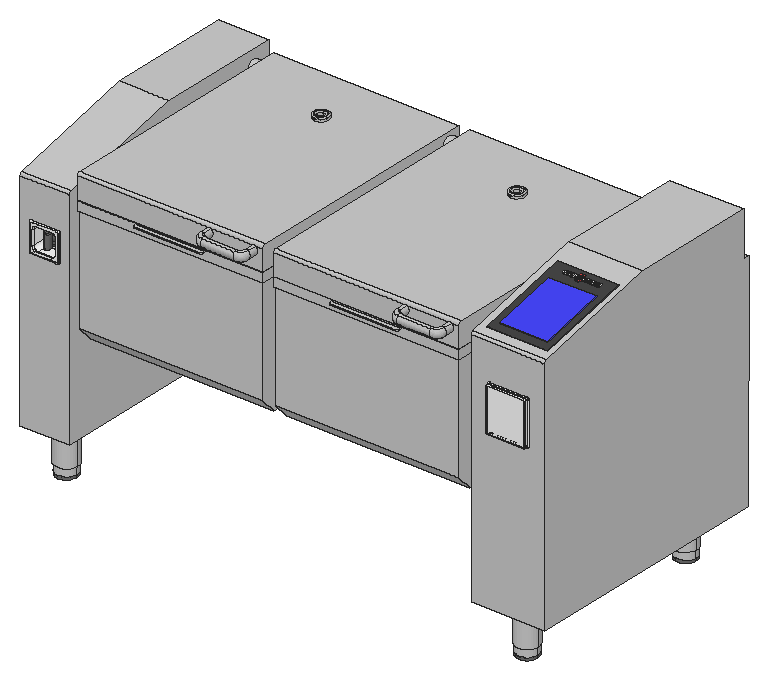
Revit family "QF_WELBILT-CONVOTHERM_FLEXX_PRO_101_DL_260211052615", category Specialty Equipment, Revit 2021
Family settings
  Round Connector Dimension = Use Diameter
  Part Type = Normal
  OmniClass Number = 23.40.40.14
  OmniClass Title = Food Service Equipment
  Work Plane-Based = No
  Always vertical = Yes
  Cut with Voids When Loaded = No
  Shared = No
  Room Calculation Point = No
Parameters (values of type "JI-MKH-015")
  Weight [instance] = 395.00 kg
  Waste Water Discharge Temperature [instance] = 0 °C
  Waste Remarks [instance] = ""
  Warranty Start Date [instance] = ""
  Warranty Duration [instance] = ""
  Volts [instance] = 400 V
  Volt Free Conn [instance] = no
  URL Recommended Spares List [instance] = ""
  URL Manufacturer [instance] = ""
  URL Cutsheet [instance] = ""
  URL Critical Spares List [instance] = ""
  URL = "www.convotherm.com"
  Technical Documentation [instance] = ""
  Tag Number [instance] = ""
  Status [instance] = ""
  Start Up Current [instance] = 0 A
  Specification by User [instance] = ""
  Specification by Manufacturer [instance] = ""
  Sound Level [instance] = ""
  Show Logo [instance] = yes
  Show Clearances [instance] = yes
  Service Life Duration [instance] = ""
  Serial Number [instance] = ""
  Seismic Rating [instance] = ""
  SMACNA No [instance] = ""
  Revision Code [instance] = ""
  Revision [instance] = ""
  Production Year [instance] = ""
  Potential Equalisation [instance] = no
  Point Load [instance] = 0
  Plumbing Remarks [instance] = ""
  Plumbing Connection Type [instance] = ""
  Phase [instance] = 3
  Other Equipment Approvals [instance] = ""
  Operational Current [instance] = 0 A
  Odor Trap Included [instance] = no
  Number of Poles [instance] = 3
  No Load Power Draw [instance] = no
  National Water Regulation Certification [instance] = no
  NAFEM Spec ID Number [instance] = ""
  Model Warning [instance] = ""
  Model = "FLEXX PRO 101 DL"
  Min Ckt Ampacity [instance] = 0 A
  Max Overcurrent Protection [instance] = 50 A
  Masterspec [instance] = ""
  Manufacturer = "WELBILT-CONVOTHERM"
  Main switch integrated [instance] = no
  Length Actual [instance] = 1756 mm
  Item Number [instance] = ""
  Installed By [instance] = ""
  Installation Date [instance] = ""
  Indirect Waste Size [instance] = 50.8 mm
  Indirect Waste Remarks [instance] = ""
  Indirect Waste Flow [instance] = 0.0 L/s
  Indirect Waste Connection Type [instance] = ""
  Indirect Waste Connection Height [instance] = 0 mm
  Identify Quantity as Lot [instance] = no
  ID [instance] = ""
  Hygiene Approval [instance] = ""
  Height Actual [instance] = 1050 mm
  HP power [instance] = ""
  Furnished By [instance] = ""
  Foodservice Equipment Identifier [instance] = no
  FL Amps [instance] = 48 A
  Electrical Remarks [instance] = "Plug not included"
  Electric power [instance] = 36900 W
  Electric Connection Type [instance] = "Cord&Plug"
  Elec Conn RI Height [instance] = 0 mm
  Elec Conn Connection Height [instance] = 0 mm
  ETL Approved [instance] = no
  Direct Waste Water Discharge Temperature [instance] = -273.15 °C
  Direct Waste Size [instance] = 50.8 mm
  Direct Waste RI Height [instance] = 0 mm
  Direct Waste Flow [instance] = 0.0 L/s
  Direct Waste Connection Height [instance] = 0 mm
  Description = "MULTIFUNCTION COOKING DEVICE 2XGN 1/1 2X79LT"
  Depth Actual [instance] = 850 mm
  Default Elevation = 0 mm
  Cycle [instance] = 50 Hz
  Cost = 0
  Connection to energy optimisation system [instance] = yes
  Conn Plug [instance] = ""
  Conn Conduit [instance] = no
  Cold Water Temperature Recommended [instance] = 0 °C
  Cold Water Size [instance] = 19.05 mm
  Cold Water Remarks [instance] = ""
  Cold Water RI Height [instance] = 0 mm
  Cold Water Quality [instance] = ""
  Cold Water Minimum Pressure [instance] = 200000.0 Pa
  Cold Water Maximum Pressure [instance] = 600000.0 Pa
  Cold Water Flow [instance] = 0.0 L/s
  Cold Water Connection Type [instance] = ""
  Cold Water Connection Height [instance] = 0 mm
  Centralized building control system with digital interface [instance] = ""
  CSI MasterFormat [instance] = ""
  CE Approved [instance] = no
  Barcode [instance] = 0
  Author [instance] = ""
  Asset Identifier [instance] = ""
  Apparent Power [instance] = 36900 VA
  Accessory [instance] = no
Reference planes
  plane 1 "Center (Front/Back)": y = 0
  plane 2: z = 0
  plane 3 "Center (Left/Right)": x = 0
Forms (mm)
  Extrusion 1, solid, not visible
    sketch origin (1510.074, -100.005, 252.012) x (1, 0, 0) y (0, 1, 0)
      loop
        line (-2, 2) -> (-2, -2) -> (2, -2) -> (2, 2) -> (-2, 2)
    from -2 to 2
  Extrusion 2, solid, not visible
    sketch origin (954.047, -500.024, 464.023) x (1, 0, 0) y (0, 1, 0)
      loop
        line (-2, 2) -> (-2, -2) -> (2, -2) -> (2, 2) -> (-2, 2)
    from -2 to 2
  Extrusion 3, solid, not visible
    sketch origin (160.008, -100.005, 170.008) x (1, 0, 0) y (0, 1, 0)
      loop
        line (-2, 2) -> (-2, -2) -> (2, -2) -> (2, 2) -> (-2, 2)
    from -2 to 2
Dimensions and locks
  locked: nested 2 to Extrusion 1 at 2  (x2)
  locked: nested 3 to Extrusion 2 at 2  (x2)
  locked: nested 4 to Extrusion 3 at 2
  locked: nested 4 to Extrusion 3
  aligned and locked: level to plane 2
Nested families
  nested 1: "QF_WELBILT-CONVOTHERM_JI-MKH-015_2920" at (0, 0, 150), type "JI-MKH-015"
    with Weight 395.00 kg, Warranty Start Date "", Warranty Duration "", URL Cutsheet "", Technical Documentation "", Tag Number "", Status "", Specification by User "", Specification by Manufacturer "", Sound Level "", Solid Fuel Type "", Show Logo yes, Show Clearances yes, Service Life Duration "", Serial Number "", Seismic Rating "", SMACNA No "", Revision Code "", Revision "", Production Year "", Point Load 0, Other Equipment Approvals "", NAFEM Spec ID Number "", Model Warning "", Masterspec "", Length Actual 1756 mm, Item Number "", Installed By "", Installation Date "", Identify Quantity as Lot yes, ID "", Hygiene Approval "", Height Actual 1050 mm, Furnished By "", Foodservice Equipment Identifier yes, ETL Approved yes, Depth Actual 850 mm, CSI MasterFormat "", CE Approved yes, Barcode "", Asset Identifier "", Accessory no
  nested 2: "CONN_POINT_COLDWATER_2D___Generic_Annotation" at (1510.074, -100.005, 250.012), type "CONN_POINT_COLDWATER_2D___Generic_Annotation"
    with Onboard connection annotation symbol visibility yes
  nested 3: "CONN_POINT_DRAIN_2D___Generic_Annotation" at (954.047, -500.024, 462.023), type "CONN_POINT_DRAIN_2D___Generic_Annotation"
    with Onboard connection annotation symbol visibility yes
  nested 4: "CONN_POINT_ELE_2D___Generic_Annotation" at (162.008, -100.005, 170.008), type "CONN_POINT_ELE_2D___Generic_Annotation"
    with Onboard connection annotation symbol visibility yes
  nested 5: "QF_WELBILT-CONVOTHERM_FLEXX-PRO-FEETS" at (0, 0, 0), type "K6257506"
    with Weight 0.00 kg, Warranty Start Date "", Warranty Duration "", URL Cutsheet "", Technical Documentation "", Tag Number "", Status "", Specification by User "", Specification by Manufacturer "", Sound Level "", Solid Fuel Type "", Show Logo yes, Show Clearances yes, Service Life Duration "", Serial Number "", Seismic Rating "", SMACNA No "", Revision Code "", Revision "", Production Year "", Point Load 0, Other Equipment Approvals "", NAFEM Spec ID Number "", Model Warning "", Masterspec "", Length Actual 1756 mm, Item Number "", Installed By "", Installation Date "", Identify Quantity as Lot yes, ID "", Hygiene Approval "", Height Actual 150 mm, Furnished By "", Foodservice Equipment Identifier yes, ETL Approved yes, Depth Actual 850 mm, CSI MasterFormat "", CE Approved yes, Barcode "", Asset Identifier "", Accessory yes
Connectors
  piping at (1510.074, -100.005, 250.012), diameter 19.05, driven by "Cold Water Size", driven by "Cold Water Flow"
    settings: on Extrusion 1, index 1, connector inside diameter 609.6 mm, connector length 0 mm, flow factor 0, pipe flow 0.0 L/s, pressure drop 0.0 Pa, fitting loss kfactor 0, connector angle 0.00°, fixture units 0, engagement length 0 mm, angle of deflection 0.00°, flow configuration 1, flow direction 1, fitting loss method 0, system type 20, joint type 0, gender type 0, connector reference index -1, connector utility 0, adjustable connector no, is connector primary yes, connector description "Cold Water connection for FLEXX PRO 101 DL"
  piping at (954.047, -500.024, 462.023), diameter 50.8, driven by "Indirect Waste Size", driven by "Direct Waste Flow"
    settings: on Extrusion 2, index 2, connector inside diameter 609.6 mm, connector length 0 mm, flow factor 0, pipe flow 0.0 L/s, pressure drop 0.0 Pa, fitting loss kfactor 0, connector angle 0.00°, fixture units 0, engagement length 0 mm, angle of deflection 0.00°, flow configuration 1, flow direction 2, fitting loss method 0, system type 16, joint type 0, gender type 0, connector reference index -1, connector utility 0, adjustable connector no, is connector primary no, connector description "Waste connection for FLEXX PRO 101 DL"
  electrical at (162.008, -100.005, 170.008), driven by "Apparent Power", driven by "Number of Poles", driven by "Volts"
    settings: on Extrusion 3, index 3, voltage 400 V, apparent load 0 VA, apparent load phase1 36900 VA, apparent load phase2 0 VA, apparent load phase3 0 VA, power factor 1, load classification "Other", number of poles 3, system type 31, power factor state 1, is connector primary yes, connector utility no, sub classification motor no, connector description "Electrical connection for FLEXX PRO 101 DL"
Definition of nested family "QF_WELBILT-CONVOTHERM_JI-MKH-015_2920"
  Parameters (values of type "JI-MKH-015")
    Weight [instance] = 0.00 kg
    Warranty Start Date [instance] = ""
    Warranty Duration [instance] = ""
    URL Cutsheet [instance] = ""
    URL = "www.convotherm.com"
    Technical Documentation [instance] = ""
    Tag Number [instance] = ""
    Status [instance] = ""
    Specification by User [instance] = ""
    Specification by Manufacturer [instance] = ""
    Sound Level [instance] = ""
    Solid Fuel Type [instance] = ""
    Show Logo [instance] = yes
    Show Clearances [instance] = yes
    Service Life Duration [instance] = ""
    Serial Number [instance] = ""
    Seismic Rating [instance] = ""
    SMACNA No [instance] = ""
    Revision Code [instance] = ""
    Revision [instance] = ""
    Production Year [instance] = ""
    Point Load [instance] = 0
    Other Equipment Approvals [instance] = ""
    NAFEM Spec ID Number [instance] = ""
    Model Warning [instance] = ""
    Model = "FLEXX PRO 101 DL"
    Masterspec [instance] = ""
    Manufacturer = "WELBILT-CONVOTHERM"
    Length Actual [instance] = 0 mm
    Item Number [instance] = ""
    Installed By [instance] = ""
    Installation Date [instance] = ""
    Identify Quantity as Lot [instance] = yes
    ID [instance] = ""
    Hygiene Approval [instance] = ""
    Height Actual [instance] = 0 mm
    Furnished By [instance] = ""
    Foodservice Equipment Identifier [instance] = yes
    ETL Approved [instance] = yes
    Description = "MULTIFUNCTION COOKING DEVICE 2XGN 1/1 2X79LT"
    Depth Actual [instance] = 0 mm
    Default Elevation = 0 mm
    CSI MasterFormat [instance] = ""
    CE Approved [instance] = yes
    Barcode [instance] = ""
    Author = "SPECIFI"
    Asset Identifier [instance] = ""
    Assembly Code = "E1090320"
    Accessory [instance] = yes
  Reference planes
    plane 1 "Back": y = 0
    plane 2: z = 0
    plane 3 "Left": x = 0
    plane 4 "Right": x = 1756
    plane 5 "Front": y = -850
    plane 6 "Top": z = 900
  Forms (mm)
    Extrusion 1, solid
      sketch origin (0, 0, -150) x (0, 1, 0) y (0, 0, 1)
        loop
          line (0, 150) -> (0, 902) -> (-20, 902) -> (-20, 1000) -> (-435, 1000) -> (-842.983, 907.833)
          arc (-842.983, 907.833) -> (-848.03, 904.673) -> (-850, 899.054) r 9
          line (-850, 899.054) -> (-850, 150) -> (0, 150)
      from 0 to 166
    Extrusion 2, solid
      sketch origin (1756, 10, -150) x (0, -1, 0) y (0, 0, 1)
        loop
          line (10, 150) -> (860, 150) -> (860, 950.639)
          arc (860, 950.639) -> (858.03, 956.258) -> (852.983, 959.418) r 9
          line (852.983, 959.418) -> (452.017, 1050) -> (30, 1050) -> (30, 902) -> (10, 902) -> (10, 150)
      from 0 to 246
    Extrusion 3, solid
      sketch origin (0, 0, -150) x (0, 1, 0) y (0, 0, 1)
        loop
          line (-131.5, 462.3) -> (-131.5, 868.5) -> (-855.5, 868.5) -> (-855.5, 512.65) -> (-810.5, 462.3) -> (-131.5, 462.3)
      from 203 to 817
    Extrusion 4, solid
      sketch origin (0, 0, -150) x (0, 1, 0) y (0, 0, 1)
        loop
          line (-859, 898.5) -> (-859, 868.5) -> (-128, 868.5) -> (-128, 898.5) -> (-859, 898.5)
      from 200 to 820
    Extrusion 5, solid
      sketch origin (0, 0, -149) x (0, 1, 0) y (0, 0, 1)
        loop
          circle (-755, 536) r 30
      from 170 to 199
    Extrusion 6, solid
      sketch origin (0, 0, -149) x (0, 1, 0) y (0, 0, 1)
        loop
          circle (-755, 536) r 40
      from 166 to 170
    Extrusion 7, solid
      sketch origin (0, 0, -149) x (0, 1, 0) y (0, 0, 1)
        loop
          circle (-755, 536) r 40
      from 199 to 203
    Extrusion 8, solid
      sketch origin (1677, 0, -149) x (0, 1, 0) y (0, 0, -1)
        loop
          circle (-755, -536) r 30
      from 171 to 200
    Extrusion 9, solid
      sketch origin (1676, 0, -149) x (0, 1, 0) y (0, 0, -1)
        loop
          circle (-755, -536) r 40
      from 166 to 170
    Extrusion 10, solid
      sketch origin (0, -0.3, -150) x (0, 1, 0) y (0, 0, 1)
        loop
          line (-40.7, 914) -> (-40.7, 981) -> (-849.7, 981)
          arc (-849.7, 981) -> (-856.064, 978.364) -> (-858.7, 972) r 9
          line (-858.7, 972) -> (-858.7, 901) -> (-70.7, 901) -> (-40.7, 914)
      from 200 to 820
    Extrusion 11, solid
      sketch origin (0, 0, -150) x (0, 1, 0) y (0, 0, 1)
        loop
          circle (-85, 946) r 25
      from 166 to 200
    Extrusion 12, solid
      sketch origin (1676, 0, -150) x (0, 1, 0) y (0, 0, -1)
        loop
          circle (-85, -946) r 25
      from 166 to 200
    Extrusion 13, solid
      sketch origin (-96.7, 0, -150) x (1, 0, 0) y (0, 1, 0)
        loop
          arc (491.7, -869) -> (493.164, -872.536) -> (496.7, -874) r 5
          line (496.7, -874) -> (716.7, -874)
          arc (716.7, -874) -> (720.236, -872.536) -> (721.7, -869) r 5
          line (721.7, -869) -> (721.7, -859) -> (491.7, -859) -> (491.7, -869)
      from 892.5 to 895.5
    Extrusion 14, solid
      sketch origin (0, 0, -150) x (0, 1, 0) y (0, 0, 1)
        loop
          line (-232, 150) -> (0, 150) -> (0, 902) -> (-33, 902) -> (-46.715, 831.44) -> (-101, 792) -> (-101, 462) -> (-232, 423.097) -> (-232, 150)
      from 166 to 1510
    Sweep 15, solid
      path origin (463, -850, -150) x (-1, 0, 0) y (0, 0, 1)
        loop
          line (-1108.5, 825.639) -> (-1231.5, 825.639)
          arc (-1231.5, 825.639) -> (-1231.854, 825.492) -> (-1232, 825.139) r 0.5
          line (-1232, 825.139) -> (-1232, 684.139)
          arc (-1232, 684.139) -> (-1231.854, 683.785) -> (-1231.5, 683.639) r 0.5
          line (-1231.5, 683.639) -> (-1108.5, 683.639)
          arc (-1108.5, 683.639) -> (-1108.146, 683.785) -> (-1108, 684.139) r 0.5
          line (-1108, 684.139) -> (-1108, 825.139)
          arc (-1108, 825.139) -> (-1108.146, 825.492) -> (-1108.5, 825.639) r 0.5
      profile origin (1633, -850, 675.639) x (0, 0, -1) y (0, 1, 0)
        loop
          line (0, -13) -> (0, 0) -> (-6, 0)
          arc (-6, 0) -> (-3.879, -0.879) -> (-3, -3) r 3
          line (-3, -3) -> (-3, -10)
          arc (-3, -10) -> (-2.121, -12.121) -> (0, -13) r 3
    Extrusion 16, solid
      sketch origin (463, -850, -150) x (-1, 0, 0) y (0, 0, 1)
        loop
          arc (-1231.5, 825.639) -> (-1231.854, 825.492) -> (-1232, 825.139) r 0.5
          line (-1232, 825.139) -> (-1232, 684.139)
          arc (-1232, 684.139) -> (-1231.854, 683.785) -> (-1231.5, 683.639) r 0.5
          line (-1231.5, 683.639) -> (-1108.5, 683.639)
          arc (-1108.5, 683.639) -> (-1108.146, 683.785) -> (-1108, 684.139) r 0.5
          line (-1108, 684.139) -> (-1108, 825.139)
          arc (-1108, 825.139) -> (-1108.146, 825.492) -> (-1108.5, 825.639) r 0.5
          line (-1108.5, 825.639) -> (-1231.5, 825.639)
      from 0 to -13
    Revolve 17, solid
      sketch origin (510, 0, -160) x (0, 1, 0) y (0, 0, 1)
        loop
          line (-216.7, 991) -> (-204.2, 991) -> (-204.2, 998)
          arc (-204.2, 998) -> (-205.079, 1000.121) -> (-207.2, 1001) r 3
          line (-207.2, 1001) -> (-213.7, 1001)
          arc (-213.7, 1001) -> (-215.821, 1000.121) -> (-216.7, 998) r 3
          line (-216.7, 998) -> (-216.7, 991)
        axis (-229.2, 991) -> (-229.2, 1001)
      angle from 0 to 360
    Extrusion 18, solid, visible <- "Show Clearances", detail levels coarse
      sketch origin (0, 0, -160) x (0, 1, 0) y (0, 0, 1)
        loop
          line (-41, 991) -> (-41, 1707)
          arc (-41, 1707) -> (-587.269, 1505.824) -> (-859, 991) r 813
          line (-859, 991) -> (-41, 991)
      from 200 to 820
    Sweep 19, solid
      path origin (0, -850, -150) x (-1, 0, 0) y (0, 0, 1)
        loop
          arc (-129.2, 776.554) -> (-129.554, 776.407) -> (-129.7, 776.054) r 0.5
          line (-129.7, 776.054) -> (-129.7, 684.054)
          arc (-129.7, 684.054) -> (-129.554, 683.7) -> (-129.2, 683.554) r 0.5
          line (-129.2, 683.554) -> (-37.2, 683.554)
          arc (-37.2, 683.554) -> (-36.846, 683.7) -> (-36.7, 684.054) r 0.5
          line (-36.7, 684.054) -> (-36.7, 776.054)
          arc (-36.7, 776.054) -> (-36.846, 776.407) -> (-37.2, 776.554) r 0.5
          line (-37.2, 776.554) -> (-129.2, 776.554)
      profile origin (83.2, -850, 626.554) x (0, 0, 1) y (0, 1, 0)
        loop
          line (0, 0) -> (0, -5)
          arc (0, -5) -> (2.121, -4.121) -> (3, -2) r 3
          line (3, -2) -> (3, 0) -> (0, 0)
    Extrusion 20, solid
      sketch origin (0, -850, -150) x (-1, 0, 0) y (0, 0, 1)
        loop
          arc (-107.7, 769.21) -> (-118.064, 764.918) -> (-122.357, 754.554) r 14.657
          line (-122.357, 754.554) -> (-122.357, 705.554)
          arc (-122.357, 705.554) -> (-118.064, 695.19) -> (-107.7, 690.897) r 14.657
          line (-107.7, 690.897) -> (-58.7, 690.897)
          arc (-58.7, 690.897) -> (-48.336, 695.19) -> (-44.043, 705.554) r 14.657
          line (-44.043, 705.554) -> (-44.043, 754.554)
          arc (-44.043, 754.554) -> (-48.336, 764.918) -> (-58.7, 769.21) r 14.657
          line (-58.7, 769.21) -> (-107.7, 769.21)
        loop
          line (-37.2, 776.554) -> (-129.2, 776.554)
          arc (-129.2, 776.554) -> (-129.554, 776.407) -> (-129.7, 776.054) r 0.5
          line (-129.7, 776.054) -> (-129.7, 684.054)
          arc (-129.7, 684.054) -> (-129.554, 683.7) -> (-129.2, 683.554) r 0.5
          line (-129.2, 683.554) -> (-37.2, 683.554)
          arc (-37.2, 683.554) -> (-36.846, 683.7) -> (-36.7, 684.054) r 0.5
          line (-36.7, 684.054) -> (-36.7, 776.054)
          arc (-36.7, 776.054) -> (-36.846, 776.407) -> (-37.2, 776.554) r 0.5
      from 0 to -5
    Extrusion 21, solid
      sketch origin (0, -850, -150) x (-1, 0, 0) y (0, 0, 1)
        loop
          line (-58.7, 772.185) -> (-107.7, 772.185)
          arc (-107.7, 772.185) -> (-120.167, 767.021) -> (-125.331, 754.554) r 17.631
          line (-125.331, 754.554) -> (-125.331, 705.554)
          arc (-125.331, 705.554) -> (-120.167, 693.087) -> (-107.7, 687.923) r 17.631
          line (-107.7, 687.923) -> (-58.7, 687.923)
          arc (-58.7, 687.923) -> (-46.233, 693.087) -> (-41.069, 705.554) r 17.631
          line (-41.069, 705.554) -> (-41.069, 754.554)
          arc (-41.069, 754.554) -> (-46.233, 767.021) -> (-58.7, 772.185) r 17.631
        loop
          arc (-107.7, 769.21) -> (-118.064, 764.918) -> (-122.357, 754.554) r 14.657
          line (-122.357, 754.554) -> (-122.357, 705.554)
          arc (-122.357, 705.554) -> (-118.064, 695.19) -> (-107.7, 690.897) r 14.657
          line (-107.7, 690.897) -> (-58.7, 690.897)
          arc (-58.7, 690.897) -> (-48.336, 695.19) -> (-44.043, 705.554) r 14.657
          line (-44.043, 705.554) -> (-44.043, 754.554)
          arc (-44.043, 754.554) -> (-48.336, 764.918) -> (-58.7, 769.21) r 14.657
          line (-58.7, 769.21) -> (-107.7, 769.21)
      from 0 to 43
    Extrusion 22, void
      sketch origin (0, -850, -150) x (-1, 0, 0) y (0, 0, 1)
        loop
          line (-58.7, 772.185) -> (-107.7, 772.185)
          arc (-107.7, 772.185) -> (-120.167, 767.021) -> (-125.331, 754.554) r 17.631
          line (-125.331, 754.554) -> (-125.331, 705.554)
          arc (-125.331, 705.554) -> (-120.167, 693.087) -> (-107.7, 687.923) r 17.631
          line (-107.7, 687.923) -> (-58.7, 687.923)
          arc (-58.7, 687.923) -> (-46.233, 693.087) -> (-41.069, 705.554) r 17.631
          line (-41.069, 705.554) -> (-41.069, 754.554)
          arc (-41.069, 754.554) -> (-46.233, 767.021) -> (-58.7, 772.185) r 17.631
      from -5 to 43
    Extrusion 23, solid
      sketch origin (0, -850, -150) x (-1, 0, 0) y (0, 0, 1)
        loop
          arc (-107.7, 769.21) -> (-118.064, 764.918) -> (-122.357, 754.554) r 14.657
          line (-122.357, 754.554) -> (-122.357, 705.554)
          arc (-122.357, 705.554) -> (-118.064, 695.19) -> (-107.7, 690.897) r 14.657
          line (-107.7, 690.897) -> (-58.7, 690.897)
          arc (-58.7, 690.897) -> (-48.336, 695.19) -> (-44.043, 705.554) r 14.657
          line (-44.043, 705.554) -> (-44.043, 754.554)
          arc (-44.043, 754.554) -> (-48.336, 764.918) -> (-58.7, 769.21) r 14.657
          line (-58.7, 769.21) -> (-107.7, 769.21)
      from 40 to 43
    Revolve 24, solid
      sketch origin (83.2, 0, -150) x (0, 1, 0) y (0, 0, 1)
        loop
          line (-840, 753.054) -> (-847.5, 753.054) -> (-847.5, 750.054) -> (-851, 750.054) -> (-851, 708.054) -> (-848, 705.054) -> (-840, 705.054) -> (-840, 753.054)
        axis (-840, 753.054) -> (-840, 705.054)
      angle from 0 to 360
    Revolve 25, solid
      sketch origin (83.2, 0, -150) x (0, 1, 0) y (0, 0, 1)
        loop
          line (-810, 730.054) -> (-810, 757.554) -> (-812, 757.554) -> (-820.172, 754.085)
          arc (-820.172, 754.085) -> (-821.502, 752.979) -> (-822, 751.323) r 3
          line (-822, 751.323) -> (-822, 741.054) -> (-840, 741.054) -> (-840, 730.054) -> (-810, 730.054)
        axis (-810, 730.054) -> (-840, 730.054)
      angle from 0 to 360
    Extrusion 26, solid
      sketch origin (463, 1914.493, 1343.992) x (0, 0.975419, 0.220357) y (-1, 0, 0)
        loop
          line (-2472.158, -1067.5) -> (-2776.158, -1067.5) -> (-2776.158, -1272.5) -> (-2472.158, -1272.5) -> (-2472.158, -1067.5)
      from 85 to 87
    Extrusion 27, solid
      sketch origin (463, 1914.493, 1343.992) x (0, 0.975419, 0.220357) y (-1, 0, 0)
        loop
          line (-2537.158, -1090.5) -> (-2748.158, -1090.5) -> (-2748.158, -1249.5) -> (-2537.158, -1249.5) -> (-2537.158, -1090.5)
      from 85 to 88
    Extrusion 28, solid
      sketch origin (1676, 0, -149) x (0, 1, 0) y (0, 0, -1)
        loop
          circle (-755, -536) r 40
      from 199 to 203
    Sweep 29, solid
      path origin (88, 0, 806) x (0, 1, 0) y (-1, 0, 0)
        loop
          line (-859, -562.5) -> (-890, -562.5)
          arc (-890, -562.5) -> (-896.364, -565.136) -> (-899, -571.5) r 9
          line (-899, -571.5) -> (-899, -681.5)
          arc (-899, -681.5) -> (-896.364, -687.864) -> (-890, -690.5) r 9
          line (-890, -690.5) -> (-859, -690.5)
      profile origin (650.5, -874.5, 806) x (1, 0, 0) y (0, 0, 1)
        loop
          arc (-15.571, 13) -> (-21.143, 0) -> (-15.571, -13) r 17.952
          arc (-15.571, -13) -> (-10.571, -15) -> (-5.571, -13) r 7.25
          arc (-5.571, -13) -> (0, 0) -> (-5.571, 13) r 17.952
          arc (-5.571, 13) -> (-10.571, 15) -> (-15.571, 13) r 7.25
    Extrusion 30, solid
      sketch origin (656, 0, -150) x (0, 1, 0) y (0, 0, 1)
        loop
          line (-131.5, 462.3) -> (-131.5, 868.5) -> (-855.5, 868.5) -> (-855.5, 512.65) -> (-810.5, 462.3) -> (-131.5, 462.3)
      from 203 to 817
    Extrusion 31, solid
      sketch origin (656, 0, -150) x (0, 1, 0) y (0, 0, 1)
        loop
          line (-859, 898.5) -> (-859, 868.5) -> (-128, 868.5) -> (-128, 898.5) -> (-859, 898.5)
      from 200 to 820
    Extrusion 32, solid
      sketch origin (656, -0.3, -150) x (0, 1, 0) y (0, 0, 1)
        loop
          line (-40.7, 914) -> (-40.7, 981) -> (-849.7, 981)
          arc (-849.7, 981) -> (-856.064, 978.364) -> (-858.7, 972) r 9
          line (-858.7, 972) -> (-858.7, 901) -> (-70.7, 901) -> (-40.7, 914)
      from 200 to 820
    Extrusion 33, solid
      sketch origin (559.3, 0, -150) x (1, 0, 0) y (0, 1, 0)
        loop
          arc (491.7, -869) -> (493.164, -872.536) -> (496.7, -874) r 5
          line (496.7, -874) -> (716.7, -874)
          arc (716.7, -874) -> (720.236, -872.536) -> (721.7, -869) r 5
          line (721.7, -869) -> (721.7, -859) -> (491.7, -859) -> (491.7, -869)
      from 892.5 to 895.5
    Revolve 34, solid
      sketch origin (1166, 0, -160) x (0, 1, 0) y (0, 0, 1)
        loop
          line (-216.7, 991) -> (-204.2, 991) -> (-204.2, 998)
          arc (-204.2, 998) -> (-205.079, 1000.121) -> (-207.2, 1001) r 3
          line (-207.2, 1001) -> (-213.7, 1001)
          arc (-213.7, 1001) -> (-215.821, 1000.121) -> (-216.7, 998) r 3
          line (-216.7, 998) -> (-216.7, 991)
        axis (-229.2, 991) -> (-229.2, 1001)
      angle from 0 to 360
    Extrusion 35, solid, visible <- "Show Clearances", detail levels coarse
      sketch origin (656, 0, -160) x (0, 1, 0) y (0, 0, 1)
        loop
          line (-41, 991) -> (-41, 1707)
          arc (-41, 1707) -> (-587.269, 1505.824) -> (-859, 991) r 813
          line (-859, 991) -> (-41, 991)
      from 200 to 820
    Sweep 36, solid
      path origin (744, 0, 806) x (0, 1, 0) y (-1, 0, 0)
        loop
          line (-859, -562.5) -> (-890, -562.5)
          arc (-890, -562.5) -> (-896.364, -565.136) -> (-899, -571.5) r 9
          line (-899, -571.5) -> (-899, -681.5)
          arc (-899, -681.5) -> (-896.364, -687.864) -> (-890, -690.5) r 9
          line (-890, -690.5) -> (-859, -690.5)
      profile origin (1306.5, -874.5, 806) x (1, 0, 0) y (0, 0, 1)
        loop
          arc (-15.571, 13) -> (-21.143, 0) -> (-15.571, -13) r 17.952
          arc (-15.571, -13) -> (-10.571, -15) -> (-5.571, -13) r 7.25
          arc (-5.571, -13) -> (0, 0) -> (-5.571, 13) r 17.952
          arc (-5.571, 13) -> (-10.571, 15) -> (-15.571, 13) r 7.25
    Extrusion 37, solid
      sketch origin (1026, 0, -149) x (0, 1, 0) y (0, 0, -1)
        loop
          circle (-755, -536) r 30
      from 171 to 205
    Extrusion 38, solid
      sketch origin (1025, 0, -149) x (0, 1, 0) y (0, 0, -1)
        loop
          circle (-755, -536) r 40
      from 166 to 170
    Extrusion 39, solid
      sketch origin (1025, 0, -150) x (0, 1, 0) y (0, 0, -1)
        loop
          circle (-85, -946) r 25
      from 169 to 205
    Extrusion 40, solid
      sketch origin (1020, 0, -149) x (0, 1, 0) y (0, 0, -1)
        loop
          circle (-755, -536) r 40
      from 199 to 203
    Extrusion 41, solid, visible <- "Show Clearances", detail levels coarse
      sketch origin (0, 7.84, 912.803) x (0, 0.34202, 0.939693) y (0, -0.939693, 0.34202)
        loop
          line (-131.5, 462.3) -> (-131.5, 868.5) -> (-855.5, 868.5) -> (-855.5, 512.65) -> (-810.5, 462.3) -> (-131.5, 462.3)
      from 203 to 817
    Extrusion 42, solid, visible <- "Show Clearances", detail levels coarse
      sketch origin (0, 7.84, 912.803) x (0, 0.34202, 0.939693) y (0, -0.939693, 0.34202)
        loop
          line (-859, 898.5) -> (-859, 868.5) -> (-128, 868.5) -> (-128, 898.5) -> (-859, 898.5)
      from 200 to 820
    Extrusion 43, solid, visible <- "Show Clearances", detail levels coarse
      sketch origin (656, 7.84, 912.803) x (0, 0.34202, 0.939693) y (0, -0.939693, 0.34202)
        loop
          line (-131.5, 462.3) -> (-131.5, 868.5) -> (-855.5, 868.5) -> (-855.5, 512.65) -> (-810.5, 462.3) -> (-131.5, 462.3)
      from 203 to 817
    Extrusion 44, solid, visible <- "Show Clearances", detail levels coarse
      sketch origin (656, 7.84, 912.803) x (0, 0.34202, 0.939693) y (0, -0.939693, 0.34202)
        loop
          line (-859, 898.5) -> (-859, 868.5) -> (-128, 868.5) -> (-128, 898.5) -> (-859, 898.5)
      from 200 to 820
    Extrusion 45, solid, visible <- "Show Logo"
      sketch origin (1140.704, -854.573, 193.005) x (1, 0, 0) y (0, 0.975419, 0.220357)
        loop
          line (493.556, 462.654) -> (493.556, 469.472)
          arc (493.556, 469.472) -> (472.307, 455.836) -> (493.556, 442.199) r 15
          line (493.556, 442.199) -> (493.556, 449.017)
          arc (493.556, 449.017) -> (480.852, 455.836) -> (493.556, 462.654) r 8.182
      from 598 to 600
    Extrusion 46, solid, visible <- "Show Logo"
      sketch origin (1093.83, -854.463, 192.517) x (1, 0, 0) y (0, 0.975419, 0.220357)
        loop
          line (486.789, 458.563) -> (486.789, 461.29)
          arc (486.789, 461.29) -> (478.289, 455.836) -> (486.789, 450.381) r 6
          line (486.789, 450.381) -> (486.789, 453.108)
          arc (486.789, 453.108) -> (481.707, 455.836) -> (486.789, 458.563) r 3.273
        loop
          circle (495.124, 455.836) r 6
        loop
          circle (495.124, 455.836) r 3.266
        loop
          line (503.766, 449.836) -> (506.45, 449.836) -> (506.45, 457.877) -> (510.841, 449.836) -> (515.031, 449.836) -> (515.031, 461.836) -> (512.331, 461.836) -> (512.331, 452.741) -> (507.365, 461.836) -> (503.766, 461.836) -> (503.766, 449.836)
        loop
          line (516.563, 461.836) -> (520.462, 449.836) -> (524.172, 449.836) -> (528.071, 461.836) -> (524.719, 461.836) -> (522.317, 453.459) -> (519.915, 461.836) -> (516.563, 461.836)
        loop
          circle (535.182, 455.836) r 6
        loop
          circle (535.182, 455.836) r 3.266
        loop
          line (575.346, 461.836) -> (575.346, 449.836) -> (578.16, 449.836) -> (578.16, 454.169) -> (579.27, 454.169) -> (581.772, 449.836) -> (585.216, 449.836) -> (581.898, 454.755)
          arc (581.898, 454.755) -> (582.887, 455.385) -> (583.517, 456.374) r 2.709
          arc (583.517, 456.374) -> (583.803, 457.995) -> (583.517, 459.615) r 4.738
          arc (583.517, 459.615) -> (582.282, 461.225) -> (580.346, 461.836) r 3.374
          line (580.346, 461.836) -> (575.346, 461.836)
        loop
          line (578.16, 456.542) -> (579.584, 456.542)
          arc (579.584, 456.542) -> (581.041, 457.999) -> (579.584, 459.457) r 1.457
          line (579.584, 459.457) -> (578.16, 459.457) -> (578.16, 456.542)
        loop
          line (542.187, 461.836) -> (542.187, 459.168) -> (545.068, 459.168) -> (545.068, 449.836) -> (548.304, 449.836) -> (548.304, 459.168) -> (551.185, 459.168) -> (551.185, 461.836) -> (542.187, 461.836)
        loop
          line (553.224, 461.836) -> (553.224, 449.836) -> (556.106, 449.836) -> (556.106, 454.836) -> (559.986, 454.836) -> (559.986, 449.836) -> (562.867, 449.836) -> (562.867, 461.836) -> (559.986, 461.836) -> (559.986, 457.148) -> (556.106, 457.148) -> (556.106, 461.836) -> (553.224, 461.836)
        loop
          line (565.879, 461.836) -> (565.879, 449.836) -> (572.903, 449.836) -> (572.903, 452.163) -> (568.881, 452.163) -> (568.881, 454.612) -> (572.641, 454.612) -> (572.641, 457.059) -> (568.881, 457.059) -> (568.881, 459.508) -> (572.903, 459.508) -> (572.903, 461.836) -> (565.879, 461.836)
        loop
          line (586.65, 461.836) -> (586.65, 449.836) -> (589.336, 449.836) -> (589.336, 458.187) -> (591.769, 449.836) -> (594.811, 449.836) -> (597.244, 458.187) -> (597.244, 449.836) -> (599.93, 449.836) -> (599.93, 461.836) -> (595.875, 461.836) -> (593.29, 452.962) -> (590.705, 461.836) -> (586.65, 461.836)
      from 599 to 601
  Cuts and joins
    Extrusion 22 cuts Extrusion 1
    joined: Extrusion 1, Extrusion 2, Extrusion 14
  Lines and regions (mm)
    symbolic lines
      curve 1: line (0, 0, 0) -> (0, -850, 0)
      curve 2: line (0, -850, 0) -> (166, -850, 0)
      curve 3: line (166, -850, 0) -> (166, 0, 0)
      curve 4: line (200, -41, 0) -> (820, -41, 0)
      curve 5: line (200, -859, 0) -> (200, -41, 0)
      curve 6: line (1476, -859, 0) -> (856, -859, 0)
      curve 7: line (1476, -41, 0) -> (1476, -859, 0)
      curve 8: line (1510, -850, 0) -> (1510, 0, 0)
      curve 9: line (1756, -850, 0) -> (1756, 0, 0)
      curve 10: line (0, 0, 0) -> (1756, 0, 0)
      curve 11: line (166, -33, 0) -> (1510, -33, 0)
      curve 12: line (625, -869, 0) -> (625, -859, 0)
      curve 13: arc (620, -874, 0) -> (623.536, -872.536, 0) -> (625, -869, 0) r 5
      curve 14: line (400, -874, 0) -> (620, -874, 0)
      curve 15: arc (395, -869, 0) -> (396.464, -872.536, 0) -> (400, -874, 0) r 5
      curve 16: line (395, -859, 0) -> (395, -869, 0)
      curve 17: line (166, -715, 0) -> (170, -715, 0)
      curve 18: line (170, -715, 0) -> (170, -795, 0)
      curve 19: line (170, -795, 0) -> (166, -795, 0)
      curve 20: line (170, -725, 0) -> (200, -725, 0)
      curve 21: line (170, -785, 0) -> (200, -785, 0)
      curve 22: line (166, -110, 0) -> (200, -110, 0)
      curve 23: line (166, -60, 0) -> (200, -60, 0)
      curve 24: line (1510, -715, 0) -> (1506, -715, 0)
      curve 25: line (1506, -715, 0) -> (1506, -795, 0)
      curve 26: line (1506, -795, 0) -> (1510, -795, 0)
      curve 27: line (1506, -725, 0) -> (1476, -725, 0)
      curve 28: line (1506, -785, 0) -> (1476, -785, 0)
      curve 29: line (1510, -110, 0) -> (1476, -110, 0)
      curve 30: line (1510, -60, 0) -> (1476, -60, 0)
      curve 31: line (1510, -850, 0) -> (1756, -850, 0)
      curve 32: line (0, -435, 0) -> (166, -435, 0)
      curve 33: line (1510, -442.017, 0) -> (1756, -442.017, 0)
      curve 34: line (1510, -20, 0) -> (1756, -20, 0)
      curve 35: line (0, -20, 0) -> (166, -20, 0)
      curve 36: line (1530.5, -515.628, 0) -> (1735.5, -515.628, 0)
      curve 37: line (1530.5, -812.596, 0) -> (1530.5, -515.628, 0)
      curve 38: line (1735.5, -812.596, 0) -> (1530.5, -812.596, 0)
      curve 39: line (1735.5, -515.628, 0) -> (1735.5, -812.596, 0)
      curve 40: line (1553.5, -579.691, 0) -> (1712.5, -579.691, 0)
      curve 41: line (1553.5, -785.505, 0) -> (1553.5, -579.691, 0)
      curve 42: line (1712.5, -785.505, 0) -> (1553.5, -785.505, 0)
      curve 43: line (1712.5, -579.691, 0) -> (1712.5, -785.505, 0)
      curve 44: line (36.7, -855, 0) -> (129.7, -855, 0)
      curve 45: line (132.7, -850, 0) -> (132.7, -852, 0)
      curve 46: line (33.7, -850, 0) -> (33.7, -852, 0)
      curve 47: arc (33.7, -852, 0) -> (34.579, -854.121, 0) -> (36.7, -855, 0) r 3
      curve 48: arc (129.7, -855, 0) -> (131.821, -854.121, 0) -> (132.7, -852, 0) r 3
      curve 49: line (1571, -863, 0) -> (1695, -863, 0)
      curve 50: line (1568, -850, 0) -> (1568, -860, 0)
      curve 51: arc (1568, -860, 0) -> (1568.879, -862.121, 0) -> (1571, -863, 0) r 3
      curve 52: line (1698, -850, 0) -> (1698, -860, 0)
      curve 53: arc (1698, -860, 0) -> (1697.121, -862.121, 0) -> (1695, -863, 0) r 3
      curve 54: line (820, -41, 900) -> (820, -859, 900)
      curve 55: circle (510, -229.2, 900) r 12.5 normal (0, 0, 1)
      curve 56: circle (510, -229.2, 900) r 25 normal (0, 0, 1)
      curve 57: line (856, -859, 0) -> (856, -41, 0)
      curve 58: line (1476, -41, 900) -> (1476, -859, 900)
      curve 59: circle (1166, -229.2, 900) r 12.5 normal (0, 0, 1)
      curve 60: circle (1166, -229.2, 900) r 25 normal (0, 0, 1)
      curve 61: line (820, -859, 0) -> (200, -859, 0)
      curve 62: line (856, -41, 0) -> (1476, -41, 0)
      curve 63: line (856, -725, 0) -> (820, -725, 0)
      curve 64: line (856, -785, 0) -> (820, -785, 0)
      curve 65: line (856, -110, 0) -> (820, -110, 0)
      curve 66: line (856, -60, 0) -> (820, -60, 0)
      curve 67: line (799.643, -859, 900) -> (799.643, -891, 900)
      curve 68: line (629.357, -859, 900) -> (629.357, -891, 900)
      curve 69: line (658.357, -920, 900) -> (770.643, -920, 900)
      curve 70: line (650.5, -859, 900) -> (650.5, -890, 900)
      curve 71: line (659.5, -899, 900) -> (769.5, -899, 900)
      curve 72: line (778.5, -859, 900) -> (778.5, -890, 900)
      curve 73: arc (650.5, -890, 900) -> (653.136, -896.364, 900) -> (659.5, -899, 900) r 9
      curve 74: arc (769.5, -899, 900) -> (775.864, -896.364, 900) -> (778.5, -890, 900) r 9
      curve 75: arc (629.357, -891, 900) -> (637.851, -911.506, 900) -> (658.357, -920, 900) r 29
      curve 76: arc (770.643, -920, 900) -> (791.149, -911.506, 900) -> (799.643, -891, 900) r 29
      curve 77: line (1281, -869, 0) -> (1281, -859, 0)
      curve 78: arc (1276, -874, 0) -> (1279.536, -872.536, 0) -> (1281, -869, 0) r 5
      curve 79: line (1056, -874, 0) -> (1276, -874, 0)
      curve 80: arc (1051, -869, 0) -> (1052.464, -872.536, 0) -> (1056, -874, 0) r 5
      curve 81: line (1051, -859, 0) -> (1051, -869, 0)
      curve 82: line (1455.643, -859, 900) -> (1455.643, -891, 900)
      curve 83: line (1285.357, -859, 900) -> (1285.357, -891, 900)
      curve 84: line (1314.357, -920, 900) -> (1426.643, -920, 900)
      curve 85: line (1306.5, -859, 900) -> (1306.5, -890, 900)
      curve 86: line (1315.5, -899, 900) -> (1425.5, -899, 900)
      curve 87: line (1434.5, -859, 900) -> (1434.5, -890, 900)
      curve 88: arc (1306.5, -890, 900) -> (1309.136, -896.364, 900) -> (1315.5, -899, 900) r 9
      curve 89: arc (1425.5, -899, 900) -> (1431.864, -896.364, 900) -> (1434.5, -890, 900) r 9
      curve 90: arc (1285.357, -891, 900) -> (1293.851, -911.506, 900) -> (1314.357, -920, 900) r 29
      curve 91: arc (1426.643, -920, 900) -> (1447.149, -911.506, 900) -> (1455.643, -891, 900) r 29
    symbolic lines, visible <- "Show Clearances"
      curve 92: line (200, -859, 900) -> (200, -1130, 900)
      curve 93: line (820, -1130, 900) -> (820, -859, 900)
      curve 94: line (200, -1130, 900) -> (820, -1130, 900)
      curve 95: line (1476, -859, 900) -> (1476, -1130, 900)
      curve 96: line (856, -1130, 900) -> (856, -859, 900)
      curve 97: line (1476, -1130, 900) -> (856, -1130, 900)
  Dimensions and locks
    plane 3 "Left" to plane 4 "Right" = 1756 mm
    plane 5 "Front" to plane 1 "Back" = 850 mm
    aligned and locked: level to plane 2
Definition of nested family "QF_WELBILT-CONVOTHERM_FLEXX-PRO-FEETS"
  Parameters (values of type "K6257507")
    Weight [instance] = 0.00 kg
    Warranty Start Date [instance] = ""
    Warranty Duration [instance] = ""
    URL Cutsheet [instance] = ""
    URL = "www.convotherm.com"
    Technical Documentation [instance] = ""
    Tag Number [instance] = ""
    Status [instance] = ""
    Specification by User [instance] = ""
    Specification by Manufacturer [instance] = ""
    Sound Level [instance] = ""
    Solid Fuel Type [instance] = ""
    Show Logo [instance] = yes
    Show Clearances [instance] = yes
    Service Life Duration [instance] = ""
    Serial Number [instance] = ""
    Seismic Rating [instance] = ""
    SMACNA No [instance] = ""
    Right offset = 127.5 mm
    Revision Code [instance] = ""
    Revision [instance] = ""
    Rear offset = 102.5 mm
    Production Year [instance] = ""
    Point Load [instance] = 0
    Other Equipment Approvals [instance] = ""
    NAFEM Spec ID Number [instance] = ""
    Model Warning [instance] = ""
    Model = "K6257507"
    Masterspec [instance] = ""
    Manufacturer = "WELBILT-CONVOTHERM"
    Length Actual [instance] = 2009 mm
    Left offset = 87.5 mm
    Item Number [instance] = ""
    Installed By [instance] = ""
    Installation Date [instance] = ""
    Identify Quantity as Lot [instance] = yes
    ID [instance] = ""
    Hygiene Approval [instance] = ""
    Height Actual [instance] = 150 mm
    Furnished By [instance] = ""
    Front offset = 84.5 mm
    Foodservice Equipment Identifier [instance] = yes
    ETL Approved [instance] = yes
    Description = "4 FEETS H=150 MM"
    Depth Actual [instance] = 850 mm
    Default Elevation = 0 mm
    CSI MasterFormat [instance] = ""
    CE Approved [instance] = yes
    Barcode [instance] = ""
    Author = "SPECIFI"
    Asset Identifier [instance] = ""
    Assembly Code = "E1090320"
    Accessory [instance] = yes
  Types (5, lengths in mm): name | Model | Length Actual
    K6257504 | "K6257504" | 1651
    K6257501 | "K6257501" | 1293
    K6257503 | "K6257503" | 1580
    K6257506 | "K6257506" | 1756
    K6257507 | "K6257507" | 2009
  Reference planes
    plane 1 "Back": y = 0
    plane 2: z = 0
    plane 3 "Left": x = 0
    plane 4 "Right": x = 2009
    plane 5 "Front": y = -850
    plane 6 "Top": z = 150
    plane 7 "Left offset": x = 87.5
    plane 8 "Right offset": x = 1881.5
    plane 9 "Rear offset": y = -102.5
    plane 10 "Front offset": y = -765.5
  Dimensions and locks
    "Length Actual": plane 3 "Left" to plane 4 "Right"
    "Depth Actual": plane 5 "Front" to plane 1 "Back"
    "Left offset": plane 3 "Left" to plane 7 "Left offset"
    "Right offset": plane 8 "Right offset" to plane 4 "Right"
    "Rear offset": plane 9 "Rear offset" to plane 1 "Back"
    "Front offset": plane 10 "Front offset" to plane 5 "Front"
    "Height Actual": plane 6 "Top" to level
    plane 7 "Left offset" to plane 8 "Right offset" = 1794 mm
    aligned and locked: level to plane 2
    aligned and locked: nested 2 to plane 8 "Right offset"
    aligned and locked: nested 3 to plane 8 "Right offset"
    aligned and locked: nested 4 to plane 7 "Left offset"
    aligned and locked: nested 4 to plane 10 "Front offset"
    aligned and locked: nested 3 to plane 10 "Front offset"
    aligned and locked: nested 1 to plane 7 "Left offset"
    aligned and locked: nested 1 to plane 9 "Rear offset"
    aligned and locked: nested 2 to plane 9 "Rear offset"
  Nested families
    nested 1: "QF_WELBILT-CONVOTHERM_LEG" at (87.5, -102.5, 0), type "LEG"
    nested 2: "QF_WELBILT-CONVOTHERM_LEG" at (1881.5, -102.5, 0), type "LEG"
    nested 3: "QF_WELBILT-CONVOTHERM_LEG" at (1881.5, -765.5, 0), type "LEG"
    nested 4: "QF_WELBILT-CONVOTHERM_LEG" at (87.5, -765.5, 0), type "LEG"
  Definition of nested family "QF_WELBILT-CONVOTHERM_LEG"
    Parameters (values of type "LEG")
      Height = 150 mm
      Default Elevation = 0 mm
    Reference planes
      plane 1 "Center (Front/Back)": y = 0
      plane 2: z = 0
      plane 3 "Center (Left/Right)": x = 0
      plane 4 "Top": z = 150
    Forms (mm)
      Extrusion 1, solid
        sketch origin (0, 0, 150) x (0, 1, 0) y (-1, 0, 0)
          loop
            arc (52.5, 47.5) -> (51.036, 51.036) -> (47.5, 52.5) r 5
            line (47.5, 52.5) -> (-47.5, 52.5)
            arc (-47.5, 52.5) -> (-51.036, 51.036) -> (-52.5, 47.5) r 5
            line (-52.5, 47.5) -> (-52.5, -47.5)
            arc (-52.5, -47.5) -> (-51.036, -51.036) -> (-47.5, -52.5) r 5
            line (-47.5, -52.5) -> (47.5, -52.5)
            arc (47.5, -52.5) -> (51.036, -51.036) -> (52.5, -47.5) r 5
            line (52.5, -47.5) -> (52.5, 47.5)
        from 0 to -3
      Extrusion 2, solid
        sketch origin (-199.986, 580, 0) x (1, 0, 0) y (0, 1, 0)
          loop
            circle (199.986, -580) r 35
        from 9 to 35
      Extrusion 3, solid
        sketch origin (-199.986, 580, 0) x (1, 0, 0) y (0, 1, 0)
          loop
            circle (199.986, -580) r 35
        from 0 to 9
      Sweep 4, solid
        path origin (0, 0, 0) x (0, 1, 0) y (0, 0, 1)
          loop
            line (0, 147) -> (0, 35)
        profile origin (0, 0, 91) x (1, 0, 0) y (0, 1, 0)
          loop
            circle (0, 0) r 38
    Dimensions and locks
      "Height": plane 4 "Top" to plane 2
      aligned and locked: level to plane 2
    Automatic sketch dimensions
      plane 1 "Center (Front/Back)" to Extrusion 2 sketch curve = 0 mm
      Extrusion 2 sketch curve to plane 3 "Center (Left/Right)" = 0 mm
      plane 1 "Center (Front/Back)" to Extrusion 3 sketch curve = 0 mm
      Extrusion 3 sketch curve to plane 3 "Center (Left/Right)" = 0 mm
      Sweep 4 sketch curve to plane 1 "Center (Front/Back)" = 0 mm
      level to Sweep 4 sketch curve = 35 mm
      Sweep 4 sketch curve to plane 4 "Top" = 3 mm
      Sweep 4 sketch curve to plane 3 "Center (Left/Right)" = 0 mm
      profile plane to Sweep 4 sketch curve = 0 mm
      plane 1 "Center (Front/Back)" to Extrusion 1 sketch curve = 52.5 mm
      Extrusion 1 sketch curve to Extrusion 1 sketch curve = 5 mm  (x3)
      Extrusion 1 sketch curve to plane 1 "Center (Front/Back)" = 47.5 mm  (x2)
      plane 3 "Center (Left/Right)" to Extrusion 1 sketch curve = 52.5 mm
      Extrusion 1 sketch curve to plane 3 "Center (Left/Right)" = 47.5 mm
      radius of Extrusion 2 sketch curve = 35 mm
      radius of Extrusion 3 sketch curve = 35 mm
      radius of Sweep 4 sketch curve = 38 mm
Definition of nested family "CONN_POINT_COLDWATER_2D___Generic_Annotation"
  Parameters (values of type "CONN_POINT_COLDWATER_2D___Generic_Annotation")
    Onboard connection annotation symbol visibility [instance] = yes
  Reference planes
    plane 1: y = 0
    plane 2: x = 0
  Lines and regions (mm)
    detail lines, visible <- "Onboard connection annotation symbol visibility"
      curve 1: circle (0, 0, 0) r 0.5 normal (0, 0, 1)
      curve 2: line (-1, 0, 0) -> (1, 0, 0)
      curve 3: line (0, 1, 0) -> (0, -1, 0)
      curve 4: line (3.241, 1, 0) -> (3.717, -1, 0)
      curve 5: line (3.717, -1, 0) -> (4.193, 1, 0)
      curve 6: line (4.193, 1, 0) -> (4.669, -1, 0)
      curve 7: line (4.669, -1, 0) -> (5.145, 1, 0)
      curve 8: arc (2.67, 0.524, 0) -> (2.004, 1, 0) -> (1.337, 0.524, 0) r 0.704
      curve 9: arc (1.337, -0.524, 0) -> (2.004, -1, 0) -> (2.67, -0.524, 0) r 0.704
      curve 10: arc (1.337, 0.524, 0) -> (1.25, 0, 0) -> (1.337, -0.524, 0) r 1.616
Definition of nested family "CONN_POINT_DRAIN_2D___Generic_Annotation"
  Parameters (values of type "CONN_POINT_DRAIN_2D___Generic_Annotation")
    Onboard connection annotation symbol visibility [instance] = yes
  Reference planes
    plane 1: y = 0
    plane 2: x = 0
  Lines and regions (mm)
    detail lines, visible <- "Onboard connection annotation symbol visibility"
      curve 1: circle (0, 0, 0) r 0.5 normal (0, 0, 1)
      curve 2: line (-1, 0, 0) -> (1, 0, 0)
      curve 3: line (0, 1, 0) -> (0, -1, 0)
      curve 4: line (1.776, 1, 0) -> (1.25, 1, 0)
      curve 5: line (1.25, 1, 0) -> (1.25, -1, 0)
      curve 6: line (1.25, -1, 0) -> (1.776, -1, 0)
      curve 7: arc (2.206, -0.862, 0) -> (2.459, -0.589, 0) -> (2.583, -0.238, 0) r 0.918
      curve 8: arc (2.583, 0.238, 0) -> (2.459, 0.589, 0) -> (2.206, 0.862, 0) r 0.918
      curve 9: arc (2.583, -0.238, 0) -> (2.599, 0, 0) -> (2.583, 0.238, 0) r 1.77
      curve 10: arc (2.206, 0.862, 0) -> (2.002, 0.965, 0) -> (1.776, 1, 0) r 0.741
      curve 11: arc (1.776, -1, 0) -> (2.002, -0.965, 0) -> (2.206, -0.862, 0) r 0.741
Definition of nested family "CONN_POINT_ELE_2D___Generic_Annotation"
  Parameters (values of type "CONN_POINT_ELE_2D___Generic_Annotation")
    Onboard connection annotation symbol visibility [instance] = yes
  Reference planes
    plane 1: y = 0
    plane 2: x = 0
  Lines and regions (mm)
    detail lines, visible <- "Onboard connection annotation symbol visibility"
      curve 1: circle (0, 0, 0) r 0.5 normal (0, 0, 1)
      curve 2: line (-1, 0, 0) -> (1, 0, 0)
      curve 3: line (0, 1, 0) -> (0, -1, 0)
      curve 4: line (2.5, 1, 0) -> (1.25, 1, 0)
      curve 5: line (1.25, 1, 0) -> (1.25, -1, 0)
      curve 6: line (1.25, -1, 0) -> (2.5, -1, 0)
      curve 7: line (1.25, 0, 0) -> (2, 0, 0)
